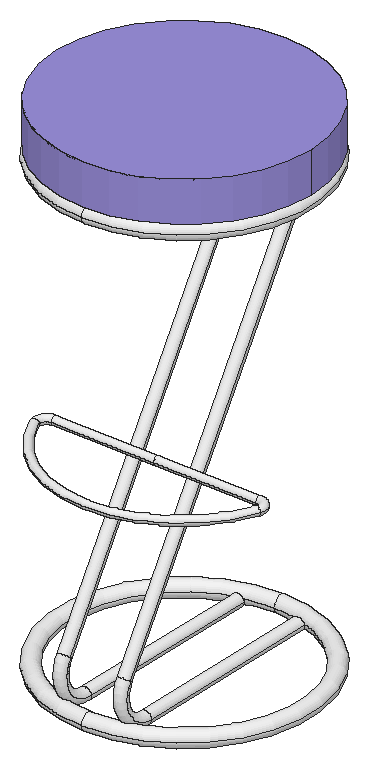
Revit family "RYN_FUR_BarStool_Round", category Furniture, Revit 2025
Family settings
  Work Plane-Based = No
  Enable Cutting in Views = No
  Always vertical = Yes
  Cut with Voids When Loaded = No
  Render Appearance Source = Family Geometry
  Shared = No
  Room Calculation Point = No
Parameters
  URL = "www.cadlan.ch"
  Type Comments = "CAD-LAN AG"
  Model = "Barhocker"
  Material_Sitzfläche [instance] = Leder_Schwarz
  Material_Gestell [instance] = Metall - Chrom
  Manufacturer = "Joss"
  Default Elevation = 0 mm
Reference planes
  plane 1 "Mitte (Vorne/hinten)": y = 0
  plane 2: z = 0
  plane 3 "Mitte (Links/rechts)": x = 0
  plane 4 "Fussraste": z = 305
Forms (mm)
  Revolve 1, solid, material "Metall - Chrom" <- "Material_Gestell"
    sketch origin (0, 0, 0) x (0, 1, 0) y (0, 0, 1)
      loop
        circle (180, 12) r 12
      axis (0, 12) -> (0, 11)
    angle from 0 to 360
  Sweep 2, solid, material "Metall - Chrom" <- "Material_Gestell"
    path origin (0, 0, 0) x (0, 1, 0) y (0, 0, 1)
      loop
        line (155.852, 11.151) -> (-129.148, 11.151)
        arc (-129.148, 11.151) -> (-168.506, 34.334) -> (-167.31, 79.997) r 45
        line (-167.31, 79.997) -> (171.561, 622.304)
        arc (171.561, 622.304) -> (172.756, 667.967) -> (133.399, 691.151) r 45
        line (133.399, 691.151) -> (-151.601, 691.151)
    profile origin (0, 13.352, 11.151) x (0, 0, -1) y (1, 0, 0)
      loop
        circle (0, 45) r 9
  Revolve 3, solid, material "Metall - Chrom" <- "Material_Gestell"
    sketch origin (0, 0, 680) x (0, 1, 0) y (0, 0, 1)
      loop
        circle (180, 12) r 12
      axis (0, 12) -> (0, 11)
    angle from 0 to 360
  Sweep 4, solid, material "Metall - Chrom" <- "Material_Gestell"
    path origin (0, 0, 0) x (0, 1, 0) y (0, 0, -1)
      loop
        line (155.852, -11.151) -> (-129.148, -11.151)
        arc (-129.148, -11.151) -> (-168.506, -34.334) -> (-167.31, -79.997) r 45
        line (-167.31, -79.997) -> (171.561, -622.304)
        arc (171.561, -622.304) -> (172.756, -667.967) -> (133.399, -691.151) r 45
        line (133.399, -691.151) -> (-151.601, -691.151)
    profile origin (0, 13.352, 11.151) x (0, 0, 1) y (-1, 0, 0)
      loop
        circle (0, 45) r 9
  Extrusion 5, solid, material "Leder_Schwarz" <- "Material_Sitzfläche"
    sketch origin (0, 0, 0) x (1, 0, 0) y (0, 1, 0)
      loop
        circle (0, 0) r 190
    from 705.545 to 765.545
  Sweep 6, solid, material "Metall - Chrom" <- "Material_Gestell"
    path origin (0, -5, 305) x (0, 1, 0) y (-1, 0, 0)
      loop
        line (-46.035, 0) -> (-46.035, 152.889)
        arc (-46.035, 152.889) -> (-52.621, 165.307) -> (-66.596, 166.82) r 15
        arc (-66.596, 166.82) -> (-179.621, 0) -> (-66.596, -166.82) r 179.621
        arc (-66.596, -166.82) -> (-52.621, -165.307) -> (-46.035, -152.889) r 15
        line (-46.035, -152.889) -> (-46.035, 0)
    profile origin (76.444, -51.035, 305) x (0, 1, 0) y (0, 0, 1)
      loop
        circle (0, 0) r 6
Dimensions and locks
  Revolve 1 sketch curve to level = 12 mm
  Revolve 1 sketch curve to plane 1 "Mitte (Vorne/hinten)" = 180 mm
  Sweep 2 sketch curve to level = 691.151 mm
  Sweep 2 sketch curve to plane 1 "Mitte (Vorne/hinten)" = 155.852 mm
  plane 1 "Mitte (Vorne/hinten)" to Sweep 2 sketch curve = 151.601 mm
  plane 1 "Mitte (Vorne/hinten)" to Sweep 2 sketch curve = 167.31 mm
  Sweep 2 sketch curve to plane 1 "Mitte (Vorne/hinten)" = 133.399 mm
  radius of Revolve 1 sketch curve = 12 mm
  radius of Revolve 3 sketch curve = 12 mm
